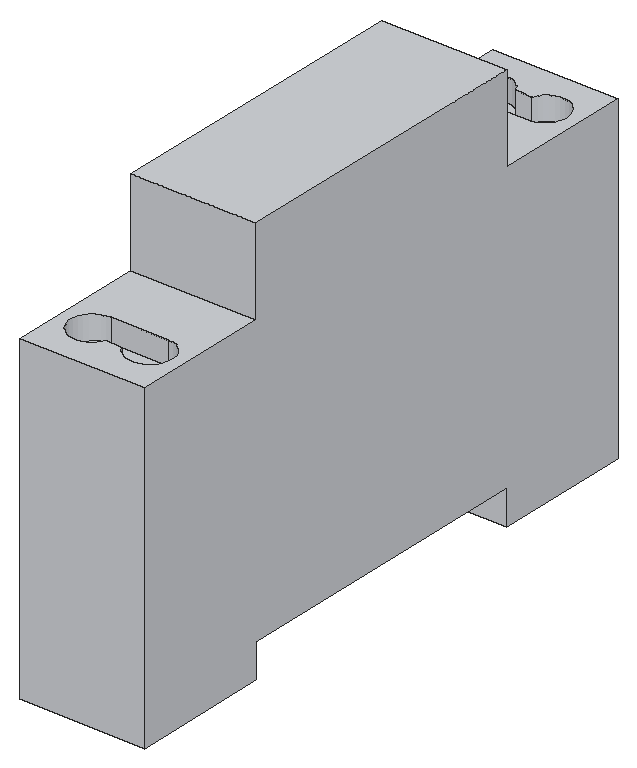
Revit family "Power-ModularDevices-GEWISS-90AM-CONTACTORS_MANUAL_COMMAND_20A", category Apparecchi elettrici, host Superficie, Revit 2016
Family settings
  Host = Superficie
  Mantenere orientamento annotazione = Sì
  Tipo di parte = Normale
  Quota connettore circolare = Usa diametro
  Numero OmniClass = 23.80.30.00
  Titolo OmniClass = Distribution Devices
  Taglio con vuoti quando caricato = No
  Condiviso = No
  Punto di calcolo locali = Sì
Parameters (values of type "GWD6744 - CONTACTOR D/N 20A 1NO+1NC 230V 1M")
  dIST sIMBOLO [instance] = 6.4 mm  # constant formula
  Version file RFA = "18.0"
  URL = "https://www.gewiss.com/ww/en"
  Technical sheet = "https://www.gewiss.com/ww/en/search?q=GWD6744"
  TEXT LABEL = "A"
  Realized by GEWISS S.p.A. = ""
  Rated current (AC-1/AC-7a) = "20 A - CTRM20"
  Default Elevation = 1219.2 mm
  Produttore = "GEWISS S.p.A."
  Potenza in Watt = 0 V
  Numero poli = 1
  No. Chorus modules = "1"
  Modello = "GWD6744"
  Immagine tipo = GWD6744.jpg
  IFC.TypeObject = ""
  IFC.ExportType = ""
  IFC.ExportAs = ""
  IDT = "203b0cdd-a3f8-4527-9efa-be9d5b2ce0ff"
  IDF = "7106f995-c053-4fad-b690-0f915b23fb57"
  Fin_Amperometro = none
  Electrocod = "1712                "
  EAN code = "8011564809413"
  Dist_dalla barra din [instance] = 5 mm
  Descrizione = "CONTACTOR D/N 20A 1NO+1NC 230V 1M"
  D = 45 mm  # constant formula
  Control coil voltage (V) = "230Vac"
  Control = "Manual"
  Contacts = "1NO+1NC"
  Catalogue Range = "90 AM"
  Catalogue = "POWER"
  COBie.Tagnumber = ""
  COBie.CreatedOn = ""
  COBie.CreatebBy = ""
  COBie.ComponentRegisterItemID = ""
  COBie.Component.TagNumber = ""
  COBie.Component.Space = ""
  COBie.Component.SerialNumber = ""
  COBie.Component.InstallationDate = ""
  COBie.Component.Description = ""
  COBie.Component.BarCode = ""
  C = 65 mm  # constant formula
  B = 85 mm  # constant formula
  A = 18 mm  # constant formula
Types (5, lengths in mm): name | URL | Technical sheet | Produttore | Modello | Immagine tipo | IDT | EAN code | Descrizione | Control coil voltage (V) | Contacts
  (no name) | 0 | "" | "GEWISS" | "GWD6741" | GWD6741.jpg | "" | "" | "CONTATTORE G/N 20A 2NA 24V 1M" | "" | ""
  GWD6744 - CONTACTOR D/N 20A 1NO+1NC 230V 1M | "https://www.gewiss.com/ww/en" | "https://www.gewiss.com/ww/en/search?q=GWD6744" | "GEWISS S.p.A." | "GWD6744" | GWD6744.jpg | "203b0cdd-a3f8-4527-9efa-be9d5b2ce0ff" | "8011564809413" | "CONTACTOR D/N 20A 1NO+1NC 230V 1M" | "230Vac" | "1NO+1NC"
  GWD6743 - CONTACTOR D/N 20A 2NC 230V 1M | "https://www.gewiss.com/ww/en" | "https://www.gewiss.com/ww/en/search?q=GWD6743" | "GEWISS S.p.A." | "GWD6743" | GWD6743.jpg | "2f95d53c-a580-40bb-949d-db16ea1bc4fb" | "8011564809406" | "CONTACTOR D/N 20A 2NC 230V 1M" | "230Vac" | "2NC"
  GWD6742 - CONTACTOR D/N 20A 2NO 230V 1M | "https://www.gewiss.com/ww/en" | "https://www.gewiss.com/ww/en/search?q=GWD6742" | "GEWISS S.p.A." | "GWD6742" | GWD6742.jpg | "e21746d7-543a-45f3-8d50-de4b8fa25a60" | "8011564809390" | "CONTACTOR D/N 20A 2NO 230V 1M" | "230Vac" | "2NO"
  GWD6741 - CONTACTOR D/N 20A 2NO 24V 1M | "https://www.gewiss.com/ww/en" | "https://www.gewiss.com/ww/en/search?q=GWD6741" | "GEWISS S.p.A." | "GWD6741" | GWD6741.jpg | "4d6e50f9-83e8-496b-a285-2cf478972cae" | "8011564809383" | "CONTACTOR D/N 20A 2NO 24V 1M" | "24Vac" | "2NO"
Values of the unnamed type that differ from the named types
  Version file RFA = ""
  TEXT LABEL = ""
  Rated current (AC-1/AC-7a) = ""
  No. Chorus modules = ""
  IDF = ""
  Electrocod = ""
  Control = ""
  Catalogue Range = ""
  Catalogue = ""
Reference planes
  plane 1 "Centro (Fronte/Retro)": y = 0
  plane 2: z = 0
  plane 3 "Centro (Sinistra/Destra)": x = 0
Dimensions and locks
  aligned and locked: plane 2 to host face
  aligned and locked: level to host face
  aligned and locked: plane 3 "Centro (Sinistra/Destra)" to nested 1
  aligned and locked: plane 1 "Centro (Fronte/Retro)" to nested 1
Nested families
  nested 1: "90AM CONTATTORI COMANDO MANUALE 20A_generico" at (0, 0, 0), type "90AM CONTATTORI COMANDO MANUALE 20A_generico"
Connectors
  electrical at (0, 42.5, 23.232), driven by "Numero poli"
    settings: on nested 1, index 1, voltage 230 V, apparent load 0 VA, apparent load phase1 0 VA, apparent load phase2 0 VA, apparent load phase3 0 VA, power factor 1, load classification "Altro", number of poles 1, system type 31, power factor state 1, is connector primary yes, connector utility no, sub classification motor no, connector description ""
Definition of nested family "90AM CONTATTORI COMANDO MANUALE 20A_generico"
  Parameters (values of type "90AM CONTATTORI COMANDO MANUALE 20A_generico")
    interruttore = none
    gw96003/04 = yes
    Default Elevation = 1219.2 mm
    Finitura Amperometro = none
    DIST_DALLA BARRA = 5 mm
    D = 45 mm
    C = 59 mm
    B = 85 mm
    A = 18 mm
  Reference planes
    plane 1 "Centro (Fronte/Retro)": y = 0
    plane 2: z = 0
    plane 3 "Centro (Sinistra/Destra)": x = 0
    plane 4: y = -22.5
    plane 5: y = 22.5
    plane 6: y = -32.5
    plane 7: y = 32.5
    plane 8: y = -42.5
    plane 9: y = 42.5
    plane 10 "POSIZIONAMENTO FRONTALE": z = 59
    plane 11: z = 0
    plane 12: z = 5
    plane 13 "FOROMETRIA": z = 33.929
    plane 14 "POSIZIONAMENTO 2D": z = 46.465
    plane 15: x = -9
    plane 16: x = 9
    plane 17: through (0, -1524, 57.378) normal (-0.6412, 0, 0.7674)
    plane 18: z = 43.108
    plane 19 "aaaa": y = -8.75
  Forms (mm)
    Extrusion 1, solid, material <- "Finitura Amperometro"
      sketch origin (0, 0, 5) x (0, 1, 0) y (0, 0, 1)
        loop
          line (22.5, 54) -> (-22.5, 54) -> (-22.5, 41.465) -> (-42.5, 41.465) -> (-42.5, -5) -> (-22.5, -5) -> (-22.5, 0) -> (22.5, 0) -> (22.5, -5) -> (42.5, -5) -> (42.5, 41.465) -> (22.5, 41.465) -> (22.5, 54)
      from -9 to 9
    Extrusion 2, solid, material <- "Finitura Amperometro", detail levels coarse
      sketch origin (0, 0, 33.929) x (0, -1, 0) y (1, 0, 0)
        loop
          line (-42.5, -9) -> (42.5, -9) -> (42.5, 9) -> (-42.5, 9) -> (-42.5, -9)
      from -28.929 to 25.071
    Extrusion 3, solid, material <- "Finitura Amperometro", detail levels coarse
      sketch origin (0, 0, 0) x (0, 1, 0) y (0, 0, 1)
        loop
          line (-3.75, 57.378) -> (3.75, 57.378) -> (3.75, 59) -> (-3.75, 59) -> (-3.75, 57.378)
      from -4.396 to 4.396
    Extrusion 4, void
      sketch origin (0, 0, 46.465) x (0, -1, 0) y (1, 0, 0)
        loop
          arc (36.875, 1.18) -> (37.246, 6.866) -> (32.25, 4.125) r 3.25
          line (32.25, 4.125) -> (32.25, -4.125)
          arc (32.25, -4.125) -> (37.246, -6.866) -> (36.875, -1.18) r 3.25
          line (36.875, -1.18) -> (36.875, 1.18)
      from -3.357 to 0
    Extrusion 5, void
      sketch origin (0, 0, 46.465) x (0, -1, 0) y (1, 0, 0)
        loop
          arc (-32.25, 4.125) -> (-37.246, 6.866) -> (-36.875, 1.18) r 3.25
          line (-36.875, 1.18) -> (-36.875, -1.18)
          arc (-36.875, -1.18) -> (-37.246, -6.866) -> (-32.25, -4.125) r 3.25
          line (-32.25, -4.125) -> (-32.25, 4.125)
      from -3.357 to 0
  Cuts and joins
    Extrusion 4, Extrusion 5 cuts Extrusion 2
    Extrusion 4, Extrusion 5 cuts Extrusion 3
    joined: Extrusion 2, Extrusion 3
    Extrusion 4, Extrusion 5 cuts Extrusion 1
  Lines and regions (mm)
    model lines
      curve 1: circle (0, -28, 46.465) r 2.5 normal (0, 0, 1)
      curve 2: circle (0, 28, 46.465) r 2.5 normal (0, 0, 1)
      curve 3: line (-9, 22.5, 46.465) -> (9, 22.5, 46.465)
      curve 4: line (9, -42.5, 46.465) -> (9, -22.5, 46.465)
      curve 5: line (9, 42.5, 46.465) -> (-9, 42.5, 46.465)
      curve 6: line (-9, 42.5, 46.465) -> (-9, 22.5, 46.465)
      curve 7: line (-9, -42.5, 46.465) -> (9, -42.5, 46.465)
      curve 8: line (-9, -22.5, 46.465) -> (9, -22.5, 46.465)
      curve 9: line (-9, -22.5, 46.465) -> (-9, -42.5, 46.465)
      curve 10: line (9, 22.5, 46.465) -> (9, 42.5, 46.465)
    model lines, not visible
      curve 11: circle (49.559, -27.168, 46.465) r 2.5 normal (0, 0, 1)
      curve 12: circle (49.559, 28.832, 46.465) r 2.5 normal (0, 0, 1)
      curve 13: line (40.559, 23.332, 46.465) -> (58.559, 23.332, 46.465)
      curve 14: line (58.559, -41.668, 46.465) -> (58.559, -21.668, 46.465)
      curve 15: line (58.559, 43.332, 46.465) -> (40.559, 43.332, 46.465)
      curve 16: line (40.559, 43.332, 46.465) -> (40.559, 23.332, 46.465)
      curve 17: line (40.559, -41.668, 46.465) -> (58.559, -41.668, 46.465)
      curve 18: line (40.559, -21.668, 46.465) -> (58.559, -21.668, 46.465)
      curve 19: line (40.559, -21.668, 46.465) -> (40.559, -41.668, 46.465)
      curve 20: line (58.559, 23.332, 46.465) -> (58.559, 43.332, 46.465)
    model lines, detail levels medium+fine
      curve 21: line (8.8, 3.114, 59) -> (0.25, 3.114, 59)
      curve 22: line (0.25, 3.114, 59) -> (0.25, 7.77, 59)
      curve 23: line (9, 7.77, 59) -> (-9, 7.77, 59)
      curve 24: line (9, -22.5, 59) -> (9, -3.002, 59)
      curve 25: line (-9, 21.998, 59) -> (-9, -0.307, 59)
      curve 26: line (-9, -22.5, 59) -> (9, -22.5, 59)
      curve 27: line (-9, -0.307, 59) -> (-9, -22.5, 59)
      curve 28: line (9, -3.002, 59) -> (9, 21.998, 59)
      curve 37: line (-3.316, -8.331, 59) -> (-6.816, -8.331, 59)
      curve 38: line (-6.816, -8.331, 59) -> (-6.816, 6.669, 59)
      curve 39: line (-6.816, 6.669, 59) -> (-3.316, 6.669, 59)
      curve 40: line (-3.316, 6.669, 59) -> (-3.316, -8.331, 59)
      curve 41: line (-1.991, -1.331, 59) -> (-1.575, -1.331, 59)
      curve 42: line (-1.575, -1.331, 59) -> (-1.025, -2.98, 59)
      curve 43: line (-1.025, -2.98, 59) -> (-0.741, -3.831, 59)
      curve 44: line (-2.825, -3.831, 59) -> (-2.541, -2.98, 59)
      curve 45: line (-2.541, -2.98, 59) -> (-1.991, -1.331, 59)
      curve 46: line (-2.243, -5.884, 59) -> (-2.452, -5.991, 59)
      curve 47: line (-2.452, -5.991, 59) -> (-2.66, -6.203, 59)
      curve 48: line (-2.66, -6.203, 59) -> (-2.764, -6.416, 59)
      curve 49: line (-2.764, -6.416, 59) -> (-2.816, -6.682, 59)
      curve 50: line (-2.816, -6.682, 59) -> (-2.816, -7.48, 59)
      curve 51: line (-2.816, -7.48, 59) -> (-2.764, -7.746, 59)
      curve 52: line (-2.764, -7.746, 59) -> (-2.66, -7.959, 59)
      curve 53: line (-2.66, -7.959, 59) -> (-2.452, -8.171, 59)
      curve 54: line (-2.452, -8.171, 59) -> (-2.243, -8.278, 59)
      curve 55: line (-2.243, -8.278, 59) -> (-1.983, -8.331, 59)
      curve 56: line (-1.983, -8.331, 59) -> (-1.566, -8.331, 59)
      curve 57: line (-1.566, -8.331, 59) -> (-1.306, -8.278, 59)
      curve 58: line (-1.306, -8.278, 59) -> (-1.098, -8.171, 59)
      curve 59: line (-1.098, -8.171, 59) -> (-0.889, -7.959, 59)
      curve 60: line (-0.889, -7.959, 59) -> (-0.785, -7.746, 59)
      curve 61: line (-0.785, -7.746, 59) -> (-0.733, -7.48, 59)
      curve 62: line (-0.733, -7.48, 59) -> (-0.733, -6.682, 59)
      curve 63: line (-0.733, -6.682, 59) -> (-0.785, -6.416, 59)
      curve 64: line (-0.785, -6.416, 59) -> (-0.889, -6.203, 59)
      curve 65: line (-0.889, -6.203, 59) -> (-1.098, -5.991, 59)
      curve 66: line (-1.098, -5.991, 59) -> (-1.306, -5.884, 59)
      curve 67: line (-1.306, -5.884, 59) -> (-1.566, -5.831, 59)
      curve 68: line (-1.566, -5.831, 59) -> (-1.983, -5.831, 59)
      curve 69: line (-1.983, -5.831, 59) -> (-2.243, -5.884, 59)
      curve 70: line (-1.025, -2.98, 59) -> (-2.541, -2.98, 59)
      curve 71: line (-1.92, 6.169, 59) -> (-1.92, 3.669, 59)
    model lines, not visible, detail levels medium+fine
      curve 29: line (57.253, -1.182, 59) -> (48.703, -1.182, 59)
      curve 30: line (48.703, -1.182, 59) -> (48.703, 3.473, 59)
      curve 31: line (57.453, 3.473, 59) -> (39.453, 3.473, 59)
      curve 32: line (57.453, -26.796, 59) -> (57.453, -7.298, 59)
      curve 33: line (39.453, 17.702, 59) -> (39.453, -4.603, 59)
      curve 34: line (39.453, -26.796, 59) -> (57.453, -26.796, 59)
      curve 35: line (39.453, -4.603, 59) -> (39.453, -26.796, 59)
      curve 36: line (57.453, -7.298, 59) -> (57.453, 17.702, 59)
  Dimensions and locks
    equal spacing: plane 4, plane 1 "Centro (Fronte/Retro)", plane 5
    "D": plane 4 to plane 5
    "C": plane 11 to plane 10 "POSIZIONAMENTO FRONTALE"
    locked: plane 11 to plane 12 at 5
    "B": plane 8 to plane 9
    equal spacing: plane 8, plane 1 "Centro (Fronte/Retro)", plane 9
    plane 12 to plane 13 "FOROMETRIA" = 28.929 mm
    equal spacing: plane 10 "POSIZIONAMENTO FRONTALE", plane 14 "POSIZIONAMENTO 2D", plane 13 "FOROMETRIA"
    locked: plane 6 to plane 4 at 10
    locked: plane 5 to plane 7 at 10
    equal spacing: plane 15, plane 3 "Centro (Sinistra/Destra)", plane 16
    "A": plane 15 to plane 16
    "DIST_DALLA BARRA": plane 2 to plane 12
    plane 8 to plane 6 = 10 mm
    locked: plane 14 "POSIZIONAMENTO 2D" to plane 18 at 3.357
    aligned and locked: level to plane 2
    aligned and locked: plane 4 to Extrusion 1 sketch curve
    aligned and locked: plane 5 to Extrusion 1 sketch curve
    aligned and locked: plane 8 to Extrusion 1 sketch curve
    aligned and locked: plane 9 to Extrusion 1 sketch curve
    aligned and locked: plane 12 to Extrusion 1 sketch curve
    aligned and locked: plane 11 to Extrusion 1 sketch curve  (x2)
    aligned and locked: plane 14 "POSIZIONAMENTO 2D" to Extrusion 1 sketch curve
    aligned and locked: Extrusion 1 sketch curve to plane 14 "POSIZIONAMENTO 2D"
    aligned and locked: plane 15 to Extrusion 1
    aligned and locked: Extrusion 1 to plane 16
    aligned and locked: plane 16 to Extrusion 2 sketch curve
    aligned and locked: plane 9 to Extrusion 2 sketch curve
    aligned and locked: Extrusion 2 sketch curve to plane 15
    aligned and locked: Extrusion 2 sketch curve to plane 8
    aligned and locked: Extrusion 2 to plane 10 "POSIZIONAMENTO FRONTALE"
    aligned and locked: plane 12 to Extrusion 2
    aligned and locked: Extrusion 4 to plane 18
    aligned and locked: plane 14 "POSIZIONAMENTO 2D" to cut or joined group of Extrusion 2, Extrusion 3, Extrusion 4, Extrusion 5  (x2)
    aligned and locked: Extrusion 4 to Extrusion 5
    aligned and locked: Extrusion 1 sketch curve to plane 10 "POSIZIONAMENTO FRONTALE"
    aligned and locked: plane 15 to curve 9
    aligned and locked: plane 4 to curve 26
  Automatic sketch dimensions
    plane 10 "POSIZIONAMENTO FRONTALE" to Extrusion 3 sketch curve = 0 mm
    Extrusion 3 sketch curve to plane 1 "Centro (Fronte/Retro)" = 3.75 mm
    plane 1 "Centro (Fronte/Retro)" to Extrusion 3 sketch curve = 3.75 mm
    plane 10 "POSIZIONAMENTO FRONTALE" to Extrusion 3 sketch curve = 1.622 mm
    Extrusion 4 sketch curve to plane 6 = 0.25 mm
    plane 6 to Extrusion 4 sketch curve = 3 mm  (x2)
    Extrusion 4 sketch curve to plane 3 "Centro (Sinistra/Destra)" = 1.18 mm
    Extrusion 4 sketch curve to Extrusion 4 sketch curve = 1.375 mm
    plane 3 "Centro (Sinistra/Destra)" to Extrusion 4 sketch curve = 1.18 mm
    plane 3 "Centro (Sinistra/Destra)" to Extrusion 5 sketch curve = 1.18 mm
    Extrusion 5 sketch curve to plane 7 = 4.375 mm
    Extrusion 5 sketch curve to plane 7 = 3 mm  (x2)
    plane 7 to Extrusion 5 sketch curve = 0.25 mm
    Extrusion 5 sketch curve to plane 3 "Centro (Sinistra/Destra)" = 1.18 mm
    curve 25 to curve 21 = 9.25 mm
    curve 26 to curve 24 = 18 mm
    curve 24 to curve 24 = 19.498 mm
    curve 24 to curve 27 = 2.695 mm
    curve 25 to curve 21 = 3.421 mm
    curve 33 to curve 29 = 9.25 mm
    curve 34 to curve 32 = 18 mm
    curve 32 to curve 32 = 19.498 mm
    curve 32 to curve 35 = 2.695 mm
    curve 33 to curve 29 = 3.421 mm
    curve 3 to curve 8 = 45 mm
    curve 4 to curve 1 = 5.5 mm
    curve 9 to curve 3 = 0 mm
    curve 2 to curve 10 = 5.5 mm
    curve 5 to curve 2 = 14.5 mm
    curve 3 to curve 2 = 9 mm
    curve 2 to curve 5 = 9 mm
    curve 1 to curve 9 = 14.5 mm
    curve 8 to curve 1 = 9 mm
    curve 1 to curve 7 = 9 mm
    curve 13 to curve 18 = 45 mm
    curve 14 to curve 11 = 5.5 mm
    curve 19 to curve 13 = 0 mm
    curve 12 to curve 20 = 5.5 mm
    curve 15 to curve 12 = 14.5 mm
    curve 13 to curve 12 = 9 mm
    curve 12 to curve 15 = 9 mm
    curve 11 to curve 19 = 14.5 mm
    curve 18 to curve 11 = 9 mm
    curve 11 to curve 17 = 9 mm
    curve 21 to curve 23 = 0.2 mm
    curve 21 to curve 23 = 4.655 mm
    curve 23 to curve 25 = 14.229 mm
    curve 23 to curve 28 = 14.229 mm
    curve 29 to curve 31 = 0.2 mm
    curve 29 to curve 31 = 4.655 mm
    curve 31 to curve 33 = 14.229 mm
    curve 31 to curve 36 = 14.229 mm
    curve 37 to plane 15 = 2.184 mm
    curve 39 to plane 3 "Centro (Sinistra/Destra)" = 3.316 mm
    curve 37 to curve 50 = 0.5 mm
    curve 49 to curve 48 = 0.052 mm
    curve 50 to curve 51 = 0.052 mm
    curve 48 to curve 48 = 0.104 mm
    curve 51 to curve 53 = 0.104 mm
    curve 47 to curve 46 = 0.208 mm
    curve 52 to curve 54 = 0.208 mm
    curve 46 to curve 69 = 0.208 mm
    curve 53 to curve 55 = 0.208 mm
    plane 1 "Centro (Fronte/Retro)" to curve 45 = 1.331 mm
    curve 44 to curve 45 = 0.55 mm
    curve 54 to curve 55 = 0.26 mm
    curve 46 to curve 69 = 0.26 mm
    curve 39 to curve 71 = 1.397 mm
    curve 41 to curve 42 = 0.417 mm
    curve 55 to curve 56 = 0.417 mm
    curve 56 to curve 58 = 0.26 mm
    curve 67 to curve 66 = 0.26 mm
    curve 57 to curve 59 = 0.208 mm
    curve 66 to curve 66 = 0.208 mm
    curve 42 to plane 3 "Centro (Sinistra/Destra)" = 1.025 mm
    curve 65 to curve 65 = 0.208 mm
    curve 58 to curve 60 = 0.208 mm
    curve 59 to curve 61 = 0.104 mm
    curve 64 to curve 64 = 0.104 mm
    curve 60 to curve 62 = 0.052 mm
    curve 45 to curve 41 = 1.649 mm
    curve 66 to curve 67 = 0.053 mm
    curve 69 to curve 68 = 0.053 mm
    curve 66 to curve 66 = 0.106 mm
    curve 47 to curve 46 = 0.106 mm
    curve 65 to curve 65 = 0.213 mm
    curve 48 to curve 46 = 0.213 mm
    curve 48 to curve 47 = 0.213 mm
    curve 64 to curve 64 = 0.213 mm
    curve 62 to curve 63 = 0.266 mm
    curve 49 to curve 48 = 0.266 mm
    curve 62 to curve 62 = 0.798 mm
    curve 51 to curve 50 = 0.266 mm
    curve 60 to curve 61 = 0.266 mm
    curve 59 to curve 60 = 0.213 mm
    curve 52 to curve 51 = 0.213 mm
    curve 54 to curve 52 = 0.213 mm
    curve 59 to curve 59 = 0.213 mm
    curve 55 to curve 53 = 0.106 mm
    curve 57 to curve 58 = 0.106 mm
    curve 40 to curve 52 = 0.372 mm
    curve 57 to curve 57 = 0.053 mm
    curve 71 to plane 1 "Centro (Fronte/Retro)" = 3.669 mm
    curve 71 to curve 39 = 0.5 mm
    curve 43 to curve 42 = 0.851 mm
    curve 44 to curve 44 = 0.284 mm
    curve 44 to curve 44 = 0.851 mm
    curve 44 to curve 42 = 1.8 mm
    curve 43 to plane 3 "Centro (Sinistra/Destra)" = 0.741 mm
    curve 67 to curve 43 = 2 mm
    curve 38 to plane 19 "aaaa" = 0.419 mm
    curve 68 to curve 68 = 0.417 mm
    curve 71 to curve 71 = 2.5 mm
    Extrusion 1 sketch curve to plane 4 = 0 mm
    Extrusion 1 sketch curve to plane 5 = 0 mm
    radius of curve 1 = 2.5 mm
    radius of curve 2 = 2.5 mm
    radius of curve 11 = 2.5 mm
    radius of curve 12 = 2.5 mm
